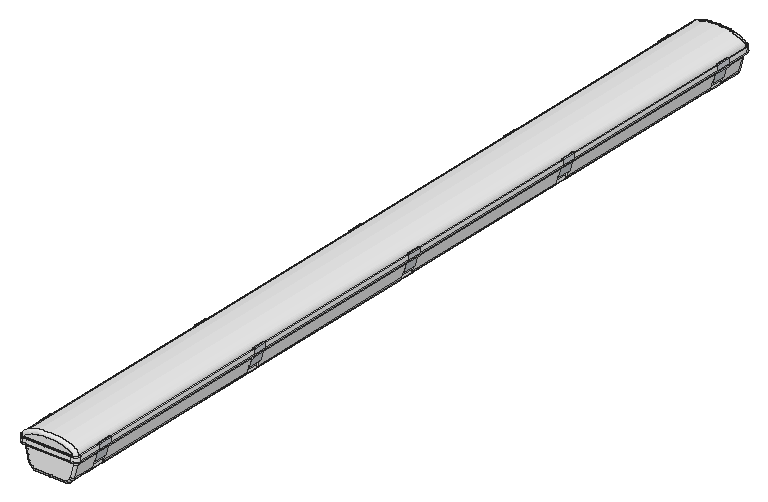
Revit family "0068043", category Lighting Fixtures, host Face, Revit 2017
Family settings
  Host = Face
  Round Connector Dimension = Use Diameter
  Part Type = Normal
  OmniClass Number = 23.80.70.11.14
  OmniClass Title = General Luminaries, Directional
  Cut with Voids When Loaded = No
  Light Source = Yes
  Shared = No
  Room Calculation Point = No
Parameters (values of type "0068043 ST WTRPRF T 1500 IP65 7100LM 840 SSC")
  Width = 110 mm
  Weight = "kg"
  Wattage Comments = "n/a"
  Wattage = 59 W
  WarrantyStartDate [instance] = "n/a"
  WarrantyGuarantorParts = "n/a"
  WarrantyDurationUnit = "n/a"
  WarrantyDurationParts = "n/a"
  WarrantyDescription = "n/a"
  built-in parameter 1150110 = 1 (stored number, unit not read)
  Voltage = 220 V
  URL = "http://www.sylvania-lighting.com"
  TypeName = "START Waterproof Twin 1500 IP65 7100lm 840 SSC"
  Type Image = <None>
  Type Comments = "n/a"
  built-in parameter 1114217 = 1 (stored number, unit not read)
  Tilt Angle = -90.00°
  built-in parameter 1150109 = 1 (stored number, unit not read)
  built-in parameter 1150134 = 12
  built-in parameter 1150113 = 1 (stored number, unit not read)
  SerialNumber [instance] = "n/a"
  ReflectorMaterial = none
  PowerFactor = 0
  PowerConsumption = "59 W"
  Photometric Web File = "0068043.ies"
  NominalWidth = 0 mm
  NominalLength = 1578 mm
  NominalHeight = 75 mm
  Name = "START Waterproof Twin 1500 IP65 7100lm 840 SSC"
  ModelReference = "START Waterproof Twin 1500 IP65 7100lm 840 SSC"
  ModelNumber = "0068043"
  Model = "START Waterproof Twin 1500 IP65 7100lm 840 SSC"
  Material = "pc polycarbonate housing, pc polycarbonate diffuser"
  ManufacturerName = "Feilo Sylvania"
  Manufacturer = "Feilo Sylvania"
  LuminousEfficacy = "120 lm/W"
  built-in parameter 1150105 = 563.41 (stored number, unit not read)
  Lumens = 7080 lm
  LuminaireType = ""
  built-in parameter 1150115 = 1 (stored number, unit not read)
  LightOutputRatio = "n/a"
  built-in parameter 1150137 = (empty or 0)
  built-in parameter 1150139 = (empty or 0)
  Length = 1572 mm
  LampsType = Lamp  # "LED"
  LampNominalLuminous = "7100 lm"
  LampMacAdamStep = "5"
  LampColourTemperature = "4000 K"
  LampColourRenderingIndex = "80"
  built-in parameter 1150112 = 1 (stored number, unit not read)
  built-in parameter 1150114 = 1 (stored number, unit not read)
  Lamp = "LED"
  Keynote = "16500"
  InstallationDate [instance] = "n/a"
  InputVoltage = "220-240 V AC"
  InputNominalFrequency = "50/60 Hz"
  built-in parameter 1150132 = (empty or 0)
  built-in parameter 1150102 = (empty or 0)
  built-in parameter 1150107 = 4000 (stored number, unit not read)
  built-in parameter 1150138 = (empty or 0)
  IngressProtection = "IP65"
  ImpactProtectionIndex = "IK08"
  built-in parameter 1150106 = 5.6341 (stored number, unit not read)
  IfcExportType = "IfcLightFixtureType"
  IfcExportAs = "IfcLightFixtureType"
  ExpectedLife = 50000
  Emit from Rectangle Width = Width - 20 mm  # 90 mm
  Emit from Rectangle Length = Length - 20 mm  # 1552 mm
  Emit Shape Visible in Rendering = no
  ElectricShockClassification = "Class I"
  built-in parameter 1150104 = 11.148 (stored number, unit not read)
  DurationUnit = "hours"
  DocumentationLiterature = "http://www.sylvania-lighting.com/product/en-int/products/0068043"
  DimmingControlOptions = "n/a"
  Dimming Lamp Color Temperature Shift = <None>
  DiffuserMaterial = Diffuser-Sylvania-Transparent
  Description = ""
  Default Elevation = 1219.2 mm
  CreatedOn = "7/30/2019"
  CreatedBy = "@sylvania-lighting.com"
  Cost = 0
  Color Filter = 16777215
  built-in parameter 1114216 [instance] = (empty or 0)
  ClassificationValue = "EF_70_80"
  ClassificationName = "Uniclass2015"
  BodyMaterial = Body-Sylvania-Gray
  BarCode [instance] = "n/a"
  built-in parameter 1114218 = 1 (stored number, unit not read)
  built-in parameter 1150133 = 10 (stored number, unit not read)
  AssetType = "Fixed"
  AssetIdentifier [instance] = "n/a"
  Assembly Code = "D5020200"
  Apparent Load = 59 VA
  AccessoryMaterial = Diffuser-Sylvania-Glow
Reference planes
  plane 1 "Center (Front/Back)": y = 0
  plane 2: z = 0
  plane 3 "Center (Left/Right)": x = 0
  plane 4: z = 54
  plane 5: x = -27.7
  plane 6: x = -34.8
  plane 7: x = -39.6
  plane 8: x = -42.2
  plane 9: z = 3
  plane 10: z = 7.8
  plane 11: z = 12.3
  plane 12: z = 36.6
  plane 13: z = 42.8
  plane 14: x = -51.1
  plane 15: z = 46.2
  plane 16: x = -55
  plane 17: y = 786
  plane 18: y = -786
  plane 19: x = 27.7
  plane 20: x = 34.8
  plane 21: x = 39.6
  plane 22: x = 42.2
  plane 23: x = 51.1
  plane 24: x = 55
  plane 25: y = 778.4
  plane 26: y = -778.4
  plane 27: y = -774.7
  plane 28: y = 774.7
  plane 29: z = 74
  plane 30: x = -51.5
  plane 31: x = 51.5
  plane 32: z = 55.2
  plane 33: y = -782.5
  plane 34: y = 782.5
  plane 35: x = -37.5
  plane 36: x = 37.5
  plane 37: x = -48.7
  plane 38: x = 48.7
  plane 39: x = 18
  plane 40: x = -18
  plane 41: z = 50.2
  plane 42: z = 24.6
  plane 43: y = 720
  plane 44: y = 706
  plane 45: y = 734
  plane 46: y = -720
  plane 47: y = 720
  plane 48: y = 706
  plane 49: y = 734
  plane 50: y = -720
  plane 51: y = -734
  plane 52: y = -706
  plane 53: y = 360
  plane 54: y = 346
  plane 55: y = 374
  plane 56: y = 0
  plane 57: y = -14
  plane 58: y = 14
  plane 59: y = -360
  plane 60: y = -374
  plane 61: y = -346
Forms (mm)
  Sweep 1, solid, material "Body-Sylvania-Gray" <- "BodyMaterial", detail levels medium+fine
    path origin (1223.4, -4572, 54) x (0, -1, 0) y (1, 0, 0)
      loop
        arc (-3796, -1278.4) -> (-3788.929, -1275.471) -> (-3786, -1268.4) r 10
        line (-3786, -1268.4) -> (-3786, -1178.4)
        arc (-3786, -1178.4) -> (-3788.929, -1171.329) -> (-3796, -1168.4) r 10
        line (-3796, -1168.4) -> (-5348, -1168.4)
        arc (-5348, -1168.4) -> (-5355.071, -1171.329) -> (-5358, -1178.4) r 10
        line (-5358, -1178.4) -> (-5358, -1268.4)
        arc (-5358, -1268.4) -> (-5355.071, -1275.471) -> (-5348, -1278.4) r 10
        line (-5348, -1278.4) -> (-3796, -1278.4)
    profile origin (-55, 0, 54) x (-1, 0, 0) y (0, 0, 1)
      loop
        line (0, 0) -> (-1, 0) -> (-1, -7.726)
        arc (-1, -7.726) -> (-1.994, -9.498) -> (-3.9, -10.2) r 2.937
        line (-3.9, -10.2) -> (-8.571, -10.2) -> (-8.571, -11.2) -> (-3.9, -11.2)
        arc (-3.9, -11.2) -> (-1.313, -10.231) -> (0, -7.8) r 3.937
        line (0, -7.8) -> (0, 0)
  Sweep 2, solid, material "Body-Sylvania-Gray" <- "BodyMaterial", detail levels medium+fine
    path origin (0, 0, 0) x (1, 0, 0) y (0, 0, 1)
      loop
        line (48.7, 42.8) -> (48.7, 36.6) -> (42.203, 12.31)
        arc (42.203, 12.31) -> (41.199, 9.884) -> (39.6, 7.8) r 10.052
        line (39.6, 7.8) -> (34.8, 3)
        arc (34.8, 3) -> (31.554, 0.781) -> (27.7, 0) r 9.902
        line (27.7, 0) -> (0, 0) -> (-27.7, 0)
        arc (-27.7, 0) -> (-31.554, 0.781) -> (-34.8, 3) r 9.902
        line (-34.8, 3) -> (-39.6, 7.8)
        arc (-39.6, 7.8) -> (-41.199, 9.884) -> (-42.203, 12.31) r 10.052
        line (-42.203, 12.31) -> (-48.7, 36.6) -> (-48.7, 42.8)
    profile origin (0, 0, 0) x (0, 0, -1) y (0, -1, 0)
      loop
        arc (0, 773.4) -> (-1.464, 776.936) -> (-5, 778.4) r 5
        line (-5, 778.4) -> (-7.8, 778.4) -> (-7.8, -778.4) -> (-5, -778.4)
        arc (-5, -778.4) -> (-1.464, -776.936) -> (0, -773.4) r 5
        line (0, -773.4) -> (0, 773.4)
  Extrusion 3, solid, material "Body-Sylvania-Gray" <- "BodyMaterial", detail levels medium+fine
    sketch origin (1524, 778.4, 1219.2) x (1, 0, 0) y (0, 0, 1)
      loop
        arc (-1558.668, -1204.874) -> (-1558.443, -1205.418) -> (-1558.085, -1205.885) r 2.252
        line (-1558.085, -1205.885) -> (-1553.231, -1210.738)
        arc (-1553.231, -1210.738) -> (-1552.534, -1211.227) -> (-1551.7, -1211.4) r 2.102
        line (-1551.7, -1211.4) -> (-1496.3, -1211.4)
        arc (-1496.3, -1211.4) -> (-1495.466, -1211.227) -> (-1494.769, -1210.738) r 2.102
        line (-1494.769, -1210.738) -> (-1489.915, -1205.885)
        arc (-1489.915, -1205.885) -> (-1489.557, -1205.418) -> (-1489.332, -1204.874) r 2.252
        line (-1489.332, -1204.874) -> (-1483.1, -1181.575) -> (-1483.1, -1176.4) -> (-1564.9, -1176.4) -> (-1564.9, -1181.575) -> (-1558.668, -1204.874)
    from 0 to 1556.8
  Sweep 4, solid, material "Diffuser-Sylvania-Transparent" <- "DiffuserMaterial", detail levels medium+fine
    path origin (0, 0, 0) x (1, 0, 0) y (0, 0, 1)
      loop
        spline (-51.5, 55.2) -> (-49.745, 60.066) -> (-44.6, 64.6) -> (-36.416, 68.494) -> (-25.75, 71.481) -> (-13.329, 73.359) -> (0, 74) -> (13.329, 73.359) -> (25.75, 71.481) -> (36.416, 68.494) -> (44.6, 64.6) -> (49.745, 60.066) -> (51.5, 55.2)
    profile origin (51.5, 0, 55.2) x (0, -1, 0) y (1, 0, 0)
      loop
        arc (782.5, -5.5) -> (780.889, -1.611) -> (777, 0) r 5.5
        line (777, 0) -> (-777, 0)
        arc (-777, 0) -> (-780.889, -1.611) -> (-782.5, -5.5) r 5.5
        line (-782.5, -5.5) -> (-782.5, -6.3) -> (-781.5, -6.3) -> (-781.5, -5.5)
        arc (-781.5, -5.5) -> (-780.182, -2.318) -> (-777, -1) r 4.5
        line (-777, -1) -> (777, -1)
        arc (777, -1) -> (780.182, -2.318) -> (781.5, -5.5) r 4.5
        line (781.5, -5.5) -> (781.5, -6.347) -> (782.5, -6.347) -> (782.5, -5.5)
  Extrusion 5, solid, material "Diffuser-Sylvania-Transparent" <- "DiffuserMaterial", detail levels medium+fine
    sketch origin (1524, -782.5, 1219.2) x (1, 0, 0) y (0, 0, 1)
      loop
        line (-1569.653, -1164) -> (-1478.347, -1164)
        spline (-1478.347, -1164) -> (-1478.969, -1162.594) -> (-1482.527, -1159.545) -> (-1489.588, -1156.201) -> (-1499.458, -1153.445) -> (-1511.242, -1151.663) -> (-1524, -1151.049) -> (-1536.758, -1151.663) -> (-1548.542, -1153.445) -> (-1558.412, -1156.201) -> (-1565.473, -1159.545) -> (-1569.031, -1162.594) -> (-1569.653, -1164)
    from 0 to -1
  Extrusion 6, solid, material "Diffuser-Sylvania-Transparent" <- "DiffuserMaterial", detail levels medium+fine
    sketch origin (1524, 782.5, 1219.2) x (1, 0, 0) y (0, 0, 1)
      loop
        spline (-1478.3, -1164) -> (-1478.931, -1162.565) -> (-1482.502, -1159.505) -> (-1489.572, -1156.155) -> (-1499.446, -1153.394) -> (-1511.236, -1151.614) -> (-1524, -1151.007) -> (-1536.764, -1151.614) -> (-1548.554, -1153.394) -> (-1558.428, -1156.155) -> (-1565.498, -1159.505) -> (-1569.069, -1162.565) -> (-1569.7, -1164)
        line (-1569.7, -1164) -> (-1478.3, -1164)
    from 0 to 1
  Extrusion 7, solid, material "Diffuser-Sylvania-Transparent" <- "DiffuserMaterial", detail levels medium+fine
    sketch origin (1223.4, -4572, 55.2) x (0, -1, 0) y (-1, 0, 0)
      loop
        arc (-5353.5, 1177.4) -> (-5352.182, 1174.218) -> (-5349, 1172.9) r 4.5
        line (-5349, 1172.9) -> (-3795, 1172.9)
        arc (-3795, 1172.9) -> (-3791.818, 1174.218) -> (-3790.5, 1177.4) r 4.5
        line (-3790.5, 1177.4) -> (-3790.5, 1269.4)
        arc (-3790.5, 1269.4) -> (-3791.818, 1272.582) -> (-3795, 1273.9) r 4.5
        line (-3795, 1273.9) -> (-5349, 1273.9)
        arc (-5349, 1273.9) -> (-5352.182, 1272.582) -> (-5353.5, 1269.4) r 4.5
        line (-5353.5, 1269.4) -> (-5353.5, 1177.4)
      loop
        line (-5358, 1268.4) -> (-5358, 1178.4)
        arc (-5358, 1178.4) -> (-5355.071, 1171.329) -> (-5348, 1168.4) r 10
        line (-5348, 1168.4) -> (-3796, 1168.4)
        arc (-3796, 1168.4) -> (-3788.929, 1171.329) -> (-3786, 1178.4) r 10
        line (-3786, 1178.4) -> (-3786, 1268.4)
        arc (-3786, 1268.4) -> (-3788.929, 1275.471) -> (-3796, 1278.4) r 10
        line (-3796, 1278.4) -> (-5348, 1278.4)
        arc (-5348, 1278.4) -> (-5355.071, 1275.471) -> (-5358, 1268.4) r 10
    from 0 to 1.2
  Extrusion 8, solid, material "Diffuser-Sylvania-Glow" <- "AccessoryMaterial", detail levels fine
    sketch origin (0, 0, 0) x (1, 0, 0) y (0, 0, 1)
      loop
        circle (-18, 50.2) r 8
      loop
        circle (18, 50.2) r 8
    from -774.7 to 774.7
  Extrusion 9, void
    sketch origin (0, 720, 2343.807) x (0, 0, -1) y (-1, 0, 0)
      loop
        line (2340.807, -37.5) -> (2331.507, -37.5) -> (2319.207, -42.2) -> (2319.207, -48.7) -> (2340.807, -48.7) -> (2340.807, -37.5)
      loop
        line (2340.807, 37.5) -> (2340.807, 48.7) -> (2319.207, 48.7) -> (2319.207, 42.2) -> (2331.507, 37.5) -> (2340.807, 37.5)
    from -14 to 14
  Extrusion 10, solid, material "Body-Sylvania-Gray" <- "BodyMaterial", detail levels coarse
    sketch origin (0, 0, 0) x (1, 0, 0) y (0, 0, 1)
      loop
        line (55, 42.8) -> (55, 55.2) -> (-55, 55.2) -> (-55, 42.791) -> (-42.2, 0) -> (42.2, 0) -> (55, 42.8)
    from -786 to 786
  Extrusion 11, solid, material "Diffuser-Sylvania-Transparent" <- "DiffuserMaterial", detail levels coarse
    sketch origin (0, 0, 0) x (1, 0, 0) y (0, 0, 1)
      loop
        arc (51.5, 55.2) -> (0, 74) -> (-51.5, 55.2) r 79.939
        line (-51.5, 55.2) -> (51.5, 55.2)
    from 778.4 to -778.4
  Extrusion 12, void, not visible
    sketch origin (0, 720, 2343.807) x (0, 0, -1) y (-1, 0, 0)
      loop
        line (2340.807, -37.5) -> (2331.507, -37.5) -> (2319.207, -42.2) -> (2319.207, -48.7) -> (2340.807, -48.7) -> (2340.807, -37.5)
      loop
        line (2340.807, 37.5) -> (2340.807, 48.7) -> (2319.207, 48.7) -> (2319.207, 42.2) -> (2331.507, 37.5) -> (2340.807, 37.5)
    from -14 to 14
  Extrusion 13, void
    sketch origin (0, -720, 2343.807) x (0, 0, -1) y (-1, 0, 0)
      loop
        line (2340.807, -37.5) -> (2331.507, -37.5) -> (2319.207, -42.2) -> (2319.207, -48.7) -> (2340.807, -48.7) -> (2340.807, -37.5)
      loop
        line (2340.807, 37.5) -> (2340.807, 48.7) -> (2319.207, 48.7) -> (2319.207, 42.2) -> (2331.507, 37.5) -> (2340.807, 37.5)
    from -14 to 14
  Extrusion 14, void
    sketch origin (0, 360, 2343.807) x (0, 0, -1) y (-1, 0, 0)
      loop
        line (2340.807, -37.5) -> (2331.507, -37.5) -> (2319.207, -42.2) -> (2319.207, -48.7) -> (2340.807, -48.7) -> (2340.807, -37.5)
      loop
        line (2340.807, 37.5) -> (2340.807, 48.7) -> (2319.207, 48.7) -> (2319.207, 42.2) -> (2331.507, 37.5) -> (2340.807, 37.5)
    from -14 to 14
  Extrusion 15, void
    sketch origin (0, 0, 2343.807) x (0, 0, -1) y (-1, 0, 0)
      loop
        line (2340.807, -37.5) -> (2331.507, -37.5) -> (2319.207, -42.2) -> (2319.207, -48.7) -> (2340.807, -48.7) -> (2340.807, -37.5)
      loop
        line (2340.807, 37.5) -> (2340.807, 48.7) -> (2319.207, 48.7) -> (2319.207, 42.2) -> (2331.507, 37.5) -> (2340.807, 37.5)
    from -14 to 14
  Extrusion 16, void
    sketch origin (0, -360, 2343.807) x (0, 0, -1) y (-1, 0, 0)
      loop
        line (2340.807, -37.5) -> (2331.507, -37.5) -> (2319.207, -42.2) -> (2319.207, -48.7) -> (2340.807, -48.7) -> (2340.807, -37.5)
      loop
        line (2340.807, 37.5) -> (2340.807, 48.7) -> (2319.207, 48.7) -> (2319.207, 42.2) -> (2331.507, 37.5) -> (2340.807, 37.5)
    from -14 to 14
Cuts and joins
  Extrusion 9, Extrusion 13, Extrusion 14, Extrusion 15, Extrusion 16 cuts Sweep 2
  Extrusion 13, Extrusion 14, Extrusion 15, Extrusion 16 cuts Extrusion 3
  joined: Sweep 2, Extrusion 3
  joined: Sweep 4, Extrusion 5, Extrusion 6
Dimensions and locks
  locked: plane 4 to plane 2 at 54
  plane 5 to plane 6 to plane 7 to plane 8 to plane 14 to plane 16 = 7.1 mm locked, 4.8 mm locked, 2.6 mm locked, 8.9 mm, 3.9 mm
  plane 4 to plane 15 to plane 13 to plane 12 to plane 11 to plane 10 to plane 9 = 7.8 mm locked, 3.4 mm, 6.2 mm locked, 24.3 mm locked, 4.5 mm locked, 4.8 mm locked
  equal spacing: plane 18, plane 1 "Center (Front/Back)", plane 17
  "Length": plane 18 to plane 17
  plane 19 to plane 20 to plane 21 to plane 22 to plane 23 to plane 24 = 7.1 mm locked, 4.8 mm locked, 2.6 mm locked, 8.9 mm, 3.9 mm
  equal spacing: plane 24, plane 3 "Center (Left/Right)", plane 16
  "Width": plane 24 to plane 16
  equal spacing: plane 27, plane 1 "Center (Front/Back)", plane 28
  locked: plane 26 to plane 27 at 3.7
  locked: Sweep 1 sketch curve to profile plane at 1
  locked: Sweep 1 sketch curve to plane 13 at 1
  locked: Sweep 1 sketch curve to plane 13 at 3.937  (x2)
  locked: Sweep 1 sketch curve to profile plane at 3.9  (x2)
  locked: plane 29 to plane 4 at 20
  equal spacing: plane 31, plane 3 "Center (Left/Right)", plane 30
  locked: plane 30 to plane 16 at 3.5
  locked: plane 32 to plane 4 at 1.2
  equal spacing: plane 33, plane 1 "Center (Front/Back)", plane 34
  equal spacing: plane 36, plane 3 "Center (Left/Right)", plane 35
  locked: plane 3 "Center (Left/Right)" to plane 35 at 37.5
  locked: plane 34 to plane 17 at 3.5
  equal spacing: plane 38, plane 3 "Center (Left/Right)", plane 37
  locked: plane 37 to plane 16 at 6.3
  equal spacing: plane 25, plane 1 "Center (Front/Back)", plane 26
  locked: plane 17 to plane 25 at 7.6
  locked: Sweep 2 sketch curve to plane 2 at 5  (x2)
  locked: Sweep 2 sketch curve to plane 26 at 5
  locked: plane 25 to Sweep 2 sketch curve at 5
  locked: Sweep 4 sketch curve to plane 31 at 5.5  (x2)
  locked: Sweep 4 sketch curve to plane 34 at 5.5
  plane 33 to Sweep 4 sketch curve = 5.5 mm
  locked: plane 34 to Sweep 4 sketch curve at 1
  locked: Sweep 4 sketch curve to plane 31 at 1
  locked: Sweep 4 sketch curve to Sweep 4 sketch curve at 1
  locked: Sweep 4 sketch curve to plane 31 at 6.347
  locked: Sweep 4 sketch curve to plane 31 at 6.3
  equal spacing: plane 39, plane 3 "Center (Left/Right)", plane 40
  locked: plane 3 "Center (Left/Right)" to plane 40 at 18
  locked: plane 42 to plane 2 at 24.6
  plane 45 to plane 43 to plane 44 = 14 mm locked, 14 mm locked
  locked: plane 17 to plane 43 at 66
  equal spacing: plane 43, plane 1 "Center (Front/Back)", plane 46
  plane 49 to plane 47 to plane 48 = 14 mm locked, 14 mm locked
  plane 52 to plane 50 to plane 51 = 14 mm locked, 14 mm locked  (x2)
  equal spacing: group 1, group 6, group 7, group 8, group 5  (x2)
  equal spacing: group 5, group 8, group 7, group 6, group 1
  plane 55 to plane 53 to plane 54 = 14 mm locked, 14 mm locked  (x2)
  plane 58 to plane 56 to plane 57 = 14 mm locked, 14 mm locked  (x2)
  plane 61 to plane 59 to plane 60 = 14 mm locked, 14 mm locked  (x2)
  plane 43 to plane 53 to plane 1 "Center (Front/Back)" to plane 59 to plane 50 = 360 mm locked, 360 mm locked, 360 mm locked, 360 mm locked
  aligned and locked: plane 2 to host face
  aligned and locked: level to host face
  aligned and locked: plane 16 to Sweep 1 sketch curve
  aligned and locked: Sweep 1 sketch curve to plane 24
  aligned and locked: plane 18 to Sweep 1 sketch curve
  aligned and locked: Sweep 1 sketch curve to plane 13
  aligned and locked: profile plane to Sweep 1 sketch curve
  aligned and locked: plane 3 "Center (Left/Right)" to Sweep 2 sketch curve
  aligned and locked: plane 9 to Sweep 2 sketch curve
  aligned and locked: plane 10 to Sweep 2 sketch curve
  aligned and locked: plane 37 to Sweep 2 sketch curve
  aligned and locked: plane 12 to Sweep 2 sketch curve
  aligned and locked: Sweep 2 sketch curve to level
  aligned and locked: plane 21 to Sweep 2 sketch curve
  aligned and locked: plane 38 to Sweep 2 sketch curve
  aligned and locked: profile plane to Sweep 2 sketch curve
  aligned and locked: plane 25 to Sweep 2 sketch curve
  aligned and locked: Sweep 2 sketch curve to plane 10
  aligned and locked: Extrusion 3 sketch curve to Sweep 2  (x7)
  aligned and locked: Sweep 2 to Extrusion 3 sketch curve
  aligned and locked: Extrusion 3 to plane 25
  aligned and locked: plane 26 to Extrusion 3
  aligned and locked: plane 32 to Sweep 4 sketch curve
  aligned and locked: plane 33 to Sweep 4 sketch curve
  aligned and locked: Sweep 4 to Extrusion 5
  aligned and locked: plane 33 to Extrusion 5
  aligned and locked: Extrusion 5 sketch curve to Sweep 4
  aligned and locked: cut or joined group of Sweep 4, Extrusion 5, Extrusion 6 to Extrusion 6 sketch curve
  aligned and locked: Extrusion 7 sketch curve to cut or joined group of Sweep 4, Extrusion 5, Extrusion 6  (x2)
  aligned and locked: cut or joined group of Sweep 4, Extrusion 5, Extrusion 6 to Extrusion 7 sketch curve  (x2)
  aligned and locked: plane 41 to Extrusion 8 sketch curve  (x2)
  aligned and locked: plane 39 to Extrusion 8 sketch curve
  aligned and locked: plane 27 to Extrusion 8
  aligned and locked: Extrusion 8 to plane 28
  aligned and locked: Extrusion 9 to plane 42
  aligned and locked: plane 9 to Extrusion 9
  aligned and locked: plane 44 to Extrusion 9
  aligned and locked: Extrusion 9 to plane 45
  aligned and locked: Extrusion 7 sketch curve to Sweep 1  (x4)
  aligned and locked: plane 4 to Extrusion 7
  aligned and locked: Extrusion 7 to plane 32
  aligned and locked: nested 2 to plane 43
  aligned and locked: plane 43 to nested 1
  aligned and locked: Extrusion 10 sketch curve to plane 24
  aligned and locked: Extrusion 10 sketch curve to Extrusion 7
  aligned and locked: plane 8 to Extrusion 10 sketch curve
  aligned and locked: plane 22 to Extrusion 10 sketch curve
  aligned and locked: level to Extrusion 10 sketch curve
  aligned and locked: Extrusion 10 to plane 17
  aligned and locked: plane 18 to Extrusion 10
  aligned and locked: cut or joined group of Sweep 4, Extrusion 5, Extrusion 6 to Extrusion 11 sketch curve
  aligned and locked: Extrusion 11 sketch curve to cut or joined group of Sweep 4, Extrusion 5, Extrusion 6  (x2)
  aligned and locked: plane 31 to Extrusion 11 sketch curve
  aligned and locked: plane 30 to Extrusion 11 sketch curve
  aligned and locked: plane 26 to Extrusion 11
  aligned and locked: Extrusion 11 to plane 25
  aligned and locked: imposter light to plane 29
  aligned and locked: plane 3 "Center (Left/Right)" to imposter light
  aligned and locked: plane 1 "Center (Front/Back)" to imposter light
  aligned and locked: plane 51 to Extrusion 13
  aligned and locked: Extrusion 13 to plane 52
  aligned and locked: plane 54 to Extrusion 14
  aligned and locked: Extrusion 14 to plane 55
  aligned and locked: plane 57 to Extrusion 15
  aligned and locked: Extrusion 15 to plane 58
  aligned and locked: plane 60 to Extrusion 16
  aligned and locked: Extrusion 16 to plane 61
  aligned and locked: nested 3 to plane 53
  aligned and locked: plane 53 to nested 10
  aligned and locked: nested 4 to plane 56
  aligned and locked: plane 56 to nested 9
  aligned and locked: nested 5 to plane 59
  aligned and locked: plane 59 to nested 8
  aligned and locked: nested 6 to plane 50
  aligned and locked: plane 50 to nested 7
Automatic sketch dimensions
  host sketch curve to host sketch curve = 2438.4 mm  (x2)
  plane 17 to Sweep 1 sketch curve = 0 mm
  Sweep 1 sketch curve to plane 28 = 1.3 mm
  Sweep 1 sketch curve to plane 7 = 5.4 mm
  plane 27 to Sweep 1 sketch curve = 1.3 mm  (x2)
  Sweep 1 sketch curve to Sweep 1 sketch curve = 4.671 mm
  Sweep 1 sketch curve to plane 4 = 0 mm
  Sweep 2 sketch curve to plane 7 = 0 mm
  Sweep 2 sketch curve to plane 6 = 0 mm
  Sweep 2 sketch curve to plane 5 = 0 mm
  plane 19 to Sweep 2 sketch curve = 0 mm
  Sweep 2 sketch curve to plane 9 = 0 mm
  plane 20 to Sweep 2 sketch curve = 0 mm
  Sweep 2 sketch curve to plane 12 = 0 mm
  Sweep 2 sketch curve to plane 10 = 0 mm
  Sweep 2 sketch curve to plane 13 = 0 mm  (x2)
  Sweep 2 sketch curve to plane 8 = 0.003 mm
  plane 6 to Sweep 2 sketch curve = 2.308 mm
  plane 20 to Sweep 2 sketch curve = 2.308 mm
  Sweep 2 sketch curve to plane 22 = 0.003 mm
  Sweep 2 sketch curve to plane 11 = 0.01 mm  (x2)
  Extrusion 3 sketch curve to plane 5 = 0 mm
  plane 19 to Extrusion 3 sketch curve = 0 mm
  plane 6 to Extrusion 3 sketch curve = 0.132 mm
  plane 6 to Extrusion 3 sketch curve = 0.715 mm
  Extrusion 3 sketch curve to Extrusion 3 sketch curve = 1.592 mm
  Extrusion 3 sketch curve to plane 10 = 0.662 mm  (x2)
  plane 20 to Extrusion 3 sketch curve = 2.308 mm
  plane 20 to Extrusion 3 sketch curve = 0.715 mm
  plane 20 to Extrusion 3 sketch curve = 0.132 mm
  Sweep 4 sketch curve to plane 30 = 0 mm
  Sweep 4 sketch curve to plane 3 "Center (Left/Right)" = 0 mm
  Sweep 4 sketch curve to Sweep 4 sketch curve = 0 mm  (x2)
  plane 37 to Extrusion 5 sketch curve = 3.047 mm
  Extrusion 5 sketch curve to plane 38 = 3.047 mm
  plane 37 to Extrusion 6 sketch curve = 3 mm
  Extrusion 6 sketch curve to plane 38 = 3 mm
  plane 25 to Extrusion 7 sketch curve = 1.4 mm  (x2)
  Extrusion 7 sketch curve to plane 26 = 1.4 mm  (x2)
  Extrusion 8 sketch curve to plane 40 = 0 mm
  Extrusion 9 sketch curve to Extrusion 9 sketch curve = 0 mm
  Extrusion 9 sketch curve to Extrusion 9 sketch curve = 12.3 mm  (x2)
  Extrusion 9 sketch curve to Extrusion 9 sketch curve = 9.3 mm  (x2)
  Extrusion 9 sketch curve to Extrusion 9 sketch curve = 6.5 mm
  Extrusion 9 sketch curve to Extrusion 9 sketch curve = 4.7 mm  (x2)
  Extrusion 9 sketch curve to Extrusion 9 sketch curve = 75 mm
  Extrusion 9 sketch curve to Extrusion 9 sketch curve = 11.2 mm
  Extrusion 10 sketch curve to plane 13 = 0 mm
  plane 13 to Extrusion 10 sketch curve = 0.009 mm
  Extrusion 11 sketch curve to level = 5.939 mm
  Extrusion 10 sketch curve to plane 16 = 0 mm
  Extrusion 12 sketch curve to Extrusion 12 sketch curve = 0 mm
  Extrusion 12 sketch curve to Extrusion 12 sketch curve = 12.3 mm  (x2)
  Extrusion 12 sketch curve to Extrusion 12 sketch curve = 9.3 mm  (x2)
  Extrusion 12 sketch curve to Extrusion 12 sketch curve = 6.5 mm
  Extrusion 12 sketch curve to Extrusion 12 sketch curve = 4.7 mm  (x2)
  Extrusion 12 sketch curve to Extrusion 12 sketch curve = 75 mm
  Extrusion 12 sketch curve to Extrusion 12 sketch curve = 11.2 mm
  Extrusion 13 sketch curve to Extrusion 13 sketch curve = 0 mm
  Extrusion 13 sketch curve to Extrusion 13 sketch curve = 12.3 mm  (x2)
  Extrusion 13 sketch curve to Extrusion 13 sketch curve = 9.3 mm  (x2)
  Extrusion 13 sketch curve to Extrusion 13 sketch curve = 6.5 mm
  Extrusion 13 sketch curve to Extrusion 13 sketch curve = 4.7 mm  (x2)
  Extrusion 13 sketch curve to Extrusion 13 sketch curve = 75 mm
  Extrusion 13 sketch curve to Extrusion 13 sketch curve = 11.2 mm
  Extrusion 14 sketch curve to Extrusion 14 sketch curve = 0 mm
  Extrusion 14 sketch curve to Extrusion 14 sketch curve = 12.3 mm  (x2)
  Extrusion 14 sketch curve to Extrusion 14 sketch curve = 9.3 mm  (x2)
  Extrusion 14 sketch curve to Extrusion 14 sketch curve = 6.5 mm
  Extrusion 14 sketch curve to Extrusion 14 sketch curve = 4.7 mm  (x2)
  Extrusion 14 sketch curve to Extrusion 14 sketch curve = 75 mm
  Extrusion 14 sketch curve to Extrusion 14 sketch curve = 11.2 mm
  Extrusion 15 sketch curve to Extrusion 15 sketch curve = 0 mm
  Extrusion 15 sketch curve to Extrusion 15 sketch curve = 12.3 mm  (x2)
  Extrusion 15 sketch curve to Extrusion 15 sketch curve = 9.3 mm  (x2)
  Extrusion 15 sketch curve to Extrusion 15 sketch curve = 6.5 mm
  Extrusion 15 sketch curve to Extrusion 15 sketch curve = 4.7 mm  (x2)
  Extrusion 15 sketch curve to Extrusion 15 sketch curve = 75 mm
  Extrusion 15 sketch curve to Extrusion 15 sketch curve = 11.2 mm
  Extrusion 16 sketch curve to Extrusion 16 sketch curve = 0 mm
  Extrusion 16 sketch curve to Extrusion 16 sketch curve = 12.3 mm  (x2)
  Extrusion 16 sketch curve to Extrusion 16 sketch curve = 9.3 mm  (x2)
  Extrusion 16 sketch curve to Extrusion 16 sketch curve = 6.5 mm
  Extrusion 16 sketch curve to Extrusion 16 sketch curve = 4.7 mm  (x2)
  Extrusion 16 sketch curve to Extrusion 16 sketch curve = 75 mm
  Extrusion 16 sketch curve to Extrusion 16 sketch curve = 11.2 mm
  radius of Extrusion 8 sketch curve = 8 mm  (x2)
Nested families
  nested 1: "Clip" at (42.2, 720, 24.6), type "Clip", detail levels fine
  nested 2: "Clip" at (-42.2, 720, 24.6) x (-1, 0, 0) z (0, 0, 1), type "Clip", detail levels fine
  nested 3: "Clip" at (-42.2, 360, 24.6) x (-1, 0, 0) z (0, 0, 1), type "Clip", detail levels fine
  nested 4: "Clip" at (-42.2, 0, 24.6) x (-1, 0, 0) z (0, 0, 1), type "Clip", detail levels fine
  nested 5: "Clip" at (-42.2, -360, 24.6) x (-1, 0, 0) z (0, 0, 1), type "Clip", detail levels fine
  nested 6: "Clip" at (-42.2, -720, 24.6) x (-1, 0, 0) z (0, 0, 1), type "Clip", detail levels fine
  nested 7: "Clip" at (42.2, -720, 24.6), type "Clip", detail levels fine
  nested 8: "Clip" at (42.2, -360, 24.6), type "Clip", detail levels fine
  nested 9: "Clip" at (42.2, 0, 24.6), type "Clip", detail levels fine
  nested 10: "Clip" at (42.2, 360, 24.6), type "Clip", detail levels fine
Connectors
  electrical at (0, 0, 0), driven by "Apparent Load"
    settings: index 1, voltage 230 V, apparent load 59 VA, apparent load phase1 0 VA, apparent load phase2 0 VA, apparent load phase3 0 VA, power factor 0, load classification "Lighting", number of poles 1, system type 30, power factor state 1, is connector primary yes, connector utility no, sub classification motor no, connector description ""
Definition of nested family "Clip"
  Parameters (values of type "Clip")
    URL = "http://www.feilosylvania.com"
    Type Comments = "n/a"
    Model = "n/a"
    Manufacturer = "Feilo Sylvania"
    Keynote = "n/a"
    Description = "n/a"
    Default Elevation = 1219.2 mm
    Cost = 0
    BodyMaterial = none
    Assembly Code = "n/a"
  Reference planes
    plane 1 "Center (Front/Back)": y = 0
    plane 2: z = 0
    plane 3 "Center (Left/Right)": x = 0
    plane 4: x = 3.3
    plane 5: x = 6.5
    plane 6: x = 8.9
    plane 7: x = 12.8
    plane 8: z = 12
    plane 9: z = 18.2
    plane 10: z = 21.6
    plane 11: z = 30.6
    plane 12: x = 9.3
    plane 13: z = 19.2
    plane 14: z = 16.2
    plane 15: x = 10.1
    plane 16: y = 12
    plane 17: y = -12
  Forms (mm)
    Extrusion 1, solid
      sketch origin (-0.8, 0, 0) x (1, 0, 0) y (0, 1, 0)
        loop
          line (-1219.2, 1219.2) -> (-1219.2, -1219.2) -> (1219.2, -1219.2) -> (1219.2, 1219.2) -> (-1219.2, 1219.2)
      from 0 to -304.8
    Extrusion 2, solid
      sketch origin (0, 0, 0) x (1, 0, 0) y (0, 0, 1)
        loop
          line (8.9, 16.2) -> (4.58, 0) -> (0, 0) -> (0, -0.8) -> (5.195, -0.8) -> (9.603, 15.731) -> (13.6, 18.806) -> (13.6, 30.6)
          arc (13.6, 30.6) -> (11.45, 32.75) -> (9.3, 30.6) r 2.15
          line (9.3, 30.6) -> (10.1, 30.6)
          arc (10.1, 30.6) -> (11.45, 31.95) -> (12.8, 30.6) r 1.35
          line (12.8, 30.6) -> (12.8, 19.2) -> (8.9, 16.2)
      from -12 to 12
  Lines and regions (mm)
    reference lines
      curve 1: line (3.3, 0, 0) -> (6.5, 0, 12)
      curve 2: arc (8.9, 0, 18.2) -> (11.488, 0, 19.169) -> (12.8, 0, 21.6) r 3.934
  Dimensions and locks
    plane 7 to plane 6 to plane 5 to plane 4 to plane 3 "Center (Left/Right)" = 3.9 mm locked, 2.4 mm locked, 3.2 mm locked, 3.3 mm locked
    plane 11 to plane 10 to plane 9 to plane 8 to plane 2 = 9 mm locked, 3.4 mm locked, 6.2 mm locked, 12 mm locked
    locked: plane 7 to plane 12 at 3.5
    locked: plane 13 to plane 9 at 1
    locked: plane 9 to plane 14 at 2
    locked: plane 15 to plane 12 at 0.8
    locked: plane 2 to Extrusion 2 sketch curve at 0.8
    locked: Extrusion 2 sketch curve to Extrusion 2 sketch curve at 0.8  (x3)
    locked: plane 7 to Extrusion 2 sketch curve at 1.35
    equal spacing: plane 17, plane 1 "Center (Front/Back)", plane 16
    locked: plane 1 "Center (Front/Back)" to plane 16 at 12
    aligned and locked: plane 2 to Extrusion 1
    aligned and locked: level to Extrusion 1
    aligned and locked: plane 4 to curve 1
    aligned and locked: plane 5 to curve 1
    aligned and locked: plane 6 to curve 2
    aligned and locked: plane 10 to curve 2
    aligned and locked: plane 14 to Extrusion 2 sketch curve
    aligned and locked: plane 13 to Extrusion 2 sketch curve
    aligned and locked: plane 7 to Extrusion 2 sketch curve
    aligned and locked: plane 3 "Center (Left/Right)" to Extrusion 2 sketch curve
    aligned and locked: Extrusion 2 sketch curve to level
    aligned and locked: Extrusion 2 sketch curve to plane 11
    aligned and locked: plane 11 to Extrusion 2 sketch curve
    aligned and locked: Extrusion 2 to plane 16
    aligned and locked: plane 17 to Extrusion 2
  Automatic sketch dimensions
    Extrusion 1 sketch curve to Extrusion 1 sketch curve = 2438.4 mm  (x2)
    curve 2 to plane 7 = 0 mm
    curve 1 to level = 0 mm
    curve 1 to plane 8 = 0 mm
    curve 2 to plane 9 = 0 mm
    plane 6 to curve 2 = 0.002 mm
    Extrusion 2 sketch curve to Extrusion 2 sketch curve = 0 mm
    Extrusion 2 sketch curve to plane 6 = 0 mm
    plane 4 to Extrusion 2 sketch curve = 1.28 mm
